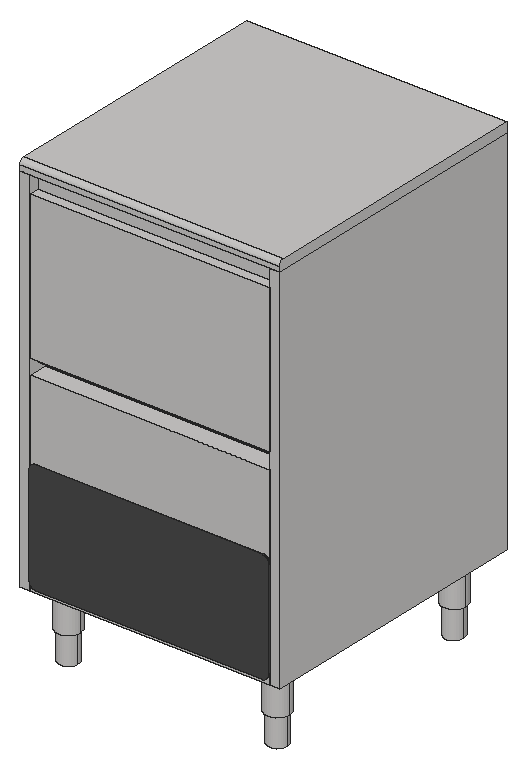
Revit family "QF_ELECTROLUXPROFESSIONAL_730311_ICB56I25SNP", category Attrezzature speciali, Revit 2018
Family settings
  Quota connettore circolare = Usa diametro
  Tipo di parte = Normale
  Basato su piano di lavoro = No
  Sempre verticale = Sì
  Taglio con vuoti quando caricato = No
  Condiviso = No
  Punto di calcolo locali = No
Parameters (values of type "Standard")
  Weight = 56.00 kg
  Watts = 0 W
  Volts = 220 V
  URL Manufacturer = "https://www.electroluxprofessional.com/"
  URL = "https://www.electroluxprofessional.com/"
  Steam Supply Size = 0 mm
  Steam Supply Minimum Pressure = 0.0 Pa
  Steam Supply Maximum Pressure = 0.0 Pa
  Steam Pounds per Hour = 0
  Show Logo [instance] = yes
  Show Clearance [instance] = yes
  Refrigeration Suction Line Size = 0 mm
  Refrigeration Liquid Line Size = 0 mm
  Refrigerant Compressor Remote = yes
  Produttore = "Electrolux Professional"
  Phase = 1
  Modello = "ICB56I25SNP"
  Length Actual = 535 mm  # constant formula
  Item Number = "730311"
  Hot Water Size = 0 mm
  Height Actual = 894 mm  # constant formula
  HP = "0 HP"
  Gas Size = 0 mm
  Gas KW = 0
  Gas Input Pressure = 0 W
  Descrizione = "WATER COOLED ICE CUBER 22GR 56KG/24H-BIN 25KG"
  Depth Actual = 595 mm  # constant formula
  Cycle = 50 Hz
  Condensate Return Size = 0 mm
  Compressed Air Volume = 0.0 L/s
  Compressed Air Size = 0 mm
  Compressed Air Pressure = 0.0 Pa
  Cold Water Size = 19.05 mm
  Accessory = yes
Reference planes
  plane 1 "Center X": y = 272.851
  plane 2: z = 0
  plane 3 "Center Y": x = -501.5
  plane 4 "LEFT": x = -769
  plane 5 "RIGHT": x = -234
  plane 6 "FRONT": y = -19.649
  plane 7 "BACK": y = 565.351
  plane 8: z = 143
  plane 9: z = 932
  plane 10: z = 912
  plane 11: x = -749
  plane 12: x = -254
  plane 13: y = 20.351
Forms (mm)
  Extrusion 1, solid, material "QF_Finishes_Black"
    sketch origin (-217.296, -19.649, 371.513) x (-1, 0, 0) y (0, 0, -1)
      loop
        arc (516.704, -9.487) -> (527.311, -5.093) -> (531.704, 5.513) r 15
        line (531.704, 5.513) -> (531.704, 206.469)
        arc (531.704, 206.469) -> (527.311, 217.075) -> (516.704, 221.469) r 15
        line (516.704, 221.469) -> (51.704, 221.469)
        arc (51.704, 221.469) -> (41.097, 217.075) -> (36.704, 206.469) r 15
        line (36.704, 206.469) -> (36.704, 5.513)
        arc (36.704, 5.513) -> (41.097, -5.093) -> (51.704, -9.487) r 15
        line (51.704, -9.487) -> (516.704, -9.487)
    from 0 to 2
  Extrusion 2, solid, material "QF_Finishes_Stainless Steel"
    sketch origin (-501.5, 0, 0) x (0, 1, 0) y (0, 0, 1)
      loop
        line (565.351, 912) -> (565.351, 932) -> (-9.649, 932)
        arc (-9.649, 932) -> (-16.72, 929.071) -> (-19.649, 922) r 10
        line (-19.649, 922) -> (-19.649, 912) -> (565.351, 912)
    from -267.5 to 267.5
  Extrusion 3, solid, material "QF_Finishes_Stainless Steel"
    sketch origin (-354.7, 565.351, -329.545) x (1, 0, 0) y (0, 0, -1)
      loop
        circle (53.2, -643.545) r 10
    from 0 to 10
  Extrusion 4, solid, material "QF_Finishes_Stainless Steel"
    sketch origin (0, 0, 0) x (1, 0, 0) y (0, 1, 0)
      loop
        line (-769, 565.351) -> (-769, -19.649) -> (-749, -19.649) -> (-749, 565.351) -> (-769, 565.351)
    from 143 to 912
  Extrusion 5, solid, material "QF_Finishes_Stainless Steel"
    sketch origin (0, 0, 0) x (1, 0, 0) y (0, 1, 0)
      loop
        line (-254, 565.351) -> (-254, -19.649) -> (-234, -19.649) -> (-234, 565.351) -> (-254, 565.351)
    from 143 to 912
  Extrusion 6, solid, material "QF_Finishes_Stainless Steel"
    sketch origin (0, 0, 0) x (1, 0, 0) y (0, 1, 0)
      loop
        line (-749, 565.351) -> (-749, 20.351) -> (-254, 20.351) -> (-254, 565.351) -> (-749, 565.351)
    from 143 to 912
  Extrusion 7, solid, material "QF_Finishes_Stainless Steel"
    sketch origin (0, 0, 0) x (1, 0, 0) y (0, 1, 0)
      loop
        line (-749, -19.649) -> (-254, -19.649) -> (-254, 20.351) -> (-749, 20.351) -> (-749, -19.649)
    from 143 to 541.146
  Extrusion 8, solid, material "QF_Finishes_Stainless Steel"
    sketch origin (-501.5, 0, 0) x (0, 1, 0) y (0, 0, 1)
      loop
        line (20.351, 912) -> (0.351, 912) -> (0.351, 876) -> (-19.649, 876) -> (-19.649, 572.768) -> (0.351, 572.768) -> (0.351, 557) -> (20.351, 557) -> (20.351, 912)
    from -247.5 to 247.5
  Extrusion 9, solid, material "QF_Finishes_Stainless Steel"
    sketch origin (-337.2, 565.351, -440.545) x (1, 0, 0) y (0, 0, -1)
      loop
        circle (53.2, -643.545) r 10
    from 0 to 10
  Extrusion 10, solid, material "QF_Finishes_Stainless Steel"
    sketch origin (-397.7, 565.351, -361.545) x (1, 0, 0) y (0, 0, -1)
      loop
        circle (53.2, -643.545) r 10
    from 0 to 10
Lines and regions (mm)
  Split face 1
    outline origin (-501.5, 0.351, 912) x (0, 0, -1) y (1, 0, 0)
      loop
        line (5.715, 124.928) -> (30.715, 124.928) -> (30.715, 164.928) -> (5.715, 164.928) -> (5.715, 124.928)
  symbolic lines
    curve 1: line (-769, 565.351, 0) -> (-234, 565.351, 0)
    curve 2: line (-769, -19.649, 0) -> (-769, 565.351, 0)
    curve 3: line (-234, -19.649, 0) -> (-769, -19.649, 0)
    curve 4: line (-234, 565.351, 0) -> (-234, -19.649, 0)
Dimensions and locks
  equal spacing: plane 4 "LEFT", plane 3 "Center Y", plane 5 "RIGHT"
  plane 4 "LEFT" to plane 5 "RIGHT" = 535 mm
  equal spacing: plane 7 "BACK", plane 1 "Center X", plane 6 "FRONT"
  plane 7 "BACK" to plane 6 "FRONT" = 585 mm
  plane 8 to plane 2 = 143 mm
  plane 9 to plane 8 = 789 mm
  locked: plane 4 "LEFT" to plane 11 at 20
  locked: plane 12 to plane 5 "RIGHT" at 20
  locked: plane 9 to plane 10 at 20
  locked: plane 13 to plane 6 "FRONT" at 40
  aligned and locked: level to plane 2
  aligned and locked: plane 5 "RIGHT" to Extrusion 2
  aligned and locked: Extrusion 2 to plane 4 "LEFT"
  aligned and locked: Extrusion 4 sketch curve to Extrusion 2  (x2)
  aligned and locked: plane 6 "FRONT" to Extrusion 4 sketch curve
  aligned and locked: Extrusion 4 sketch curve to plane 11
  aligned and locked: Extrusion 5 sketch curve to plane 7 "BACK"
  aligned and locked: plane 12 to Extrusion 5 sketch curve
  aligned and locked: Extrusion 5 sketch curve to Extrusion 2  (x2)
  aligned and locked: plane 10 to Extrusion 4
  aligned and locked: plane 10 to Extrusion 5
  aligned and locked: Extrusion 4 to plane 8
  aligned and locked: Extrusion 5 to plane 8
  aligned and locked: Extrusion 6 sketch curve to Extrusion 4
  aligned and locked: Extrusion 4 to Extrusion 6 sketch curve
  aligned and locked: plane 13 to Extrusion 6 sketch curve
  aligned and locked: Extrusion 6 sketch curve to plane 12
  aligned and locked: plane 10 to Extrusion 6
  aligned and locked: Extrusion 6 to plane 8
  aligned and locked: Extrusion 4 to Extrusion 7 sketch curve
  aligned and locked: Extrusion 7 sketch curve to Extrusion 4
  aligned and locked: plane 13 to Extrusion 7 sketch curve
  aligned and locked: plane 12 to Extrusion 7 sketch curve
  aligned and locked: Extrusion 7 to plane 8
  aligned and locked: plane 12 to Extrusion 8
  aligned and locked: Extrusion 8 to plane 11
Automatic sketch dimensions
  curve 3 to plane 4 "LEFT" = 0 mm
  curve 3 to plane 5 "RIGHT" = 0 mm
  curve 3 to plane 6 "FRONT" = 0 mm
  curve 2 to plane 7 "BACK" = 0 mm
  Extrusion 1 sketch curve to plane 12 = 0 mm
  plane 8 to Extrusion 1 sketch curve = 7.044 mm
  Extrusion 1 sketch curve to Extrusion 1 sketch curve = 15 mm  (x3)
  plane 11 to Extrusion 1 sketch curve = 15 mm  (x2)
  Extrusion 1 sketch curve to Extrusion 1 sketch curve = 200.956 mm
  Extrusion 2 sketch curve to plane 6 "FRONT" = 0 mm
  Extrusion 2 sketch curve to plane 9 = 0 mm
  Extrusion 2 sketch curve to plane 7 "BACK" = 0 mm
  Extrusion 2 sketch curve to plane 10 = 0 mm
  plane 6 "FRONT" to Extrusion 2 sketch curve = 10 mm
  Extrusion 6 to Extrusion 3 sketch curve = 171 mm
  Extrusion 3 sketch curve to Extrusion 6 = 47.5 mm
  Extrusion 8 sketch curve to plane 6 "FRONT" = 0 mm
  Extrusion 8 sketch curve to plane 10 = 0 mm
  Extrusion 8 sketch curve to plane 13 = 0 mm
  plane 6 "FRONT" to Extrusion 8 sketch curve = 20 mm  (x2)
  Extrusion 8 sketch curve to plane 10 = 36 mm
  Extrusion 8 sketch curve to Extrusion 8 sketch curve = 303.232 mm
  Extrusion 8 sketch curve to Extrusion 8 sketch curve = 15.768 mm
  Split face 1 sketch curve to Extrusion 8 = 5.715 mm
  Extrusion 8 to Split face 1 sketch curve = 5.285 mm
  Split face 1 sketch curve to Extrusion 8 = 122.572 mm
  Split face 1 sketch curve to Split face 1 sketch curve = 40 mm
  Extrusion 9 sketch curve to Extrusion 6 = 30 mm
  Extrusion 6 to Extrusion 9 sketch curve = 60 mm
  Extrusion 10 sketch curve to Extrusion 6 = 90.5 mm
  Extrusion 6 to Extrusion 10 sketch curve = 139 mm
  radius of Extrusion 3 sketch curve = 10 mm
  radius of Extrusion 9 sketch curve = 10 mm
  radius of Extrusion 10 sketch curve = 10 mm
Nested families
  nested 1: "Foot_Complete" at (-717, 40.351, 0), type "Foot_Complete"
    with H 143 mm
  nested 2: "Foot_Complete" at (-286, 40.351, 0) x (-1, 0, 0) z (0, 0, 1), type "Foot_Complete"
    with H 143 mm
  nested 3: "Foot_Complete" at (-717, 494.351, 0), type "Foot_Complete"
    with H 143 mm
  nested 4: "Foot_Complete" at (-286, 494.351, 0) x (-1, 0, 0) z (0, 0, 1), type "Foot_Complete"
    with H 143 mm
Connectors
  electrical at (-284, 575.351, 203), driven by "Volts"
    settings: on Extrusion 9, index 1, voltage 220 V, apparent load 0 VA, apparent load phase1 0 VA, apparent load phase2 0 VA, apparent load phase3 0 VA, power factor 1, load classification "Altro", number of poles 1, system type 30, power factor state 1, is connector primary yes, connector utility no, sub classification motor no, connector description "Electrical Connection"
  piping at (-301.5, 575.351, 314), diameter 20
    settings: on Extrusion 3, index 2, connector inside diameter 609.6 mm, connector length 0 mm, flow factor 0, pipe flow 0.0 L/s, pressure drop 0.0 Pa, fitting loss kfactor 0, connector angle 0.00°, fixture units 0, engagement length 0 mm, angle of deflection 0.00°, flow configuration 0, flow direction 0, fitting loss method 0, system type 20, joint type 0, gender type 0, connector reference index -1, connector utility 0, adjustable connector no, is connector primary yes, connector description "Cold water"
  piping at (-344.5, 575.351, 282), diameter 20
    settings: on Extrusion 10, index 3, connector inside diameter 609.6 mm, connector length 0 mm, flow factor 0, pipe flow 0.0 L/s, pressure drop 0.0 Pa, fitting loss kfactor 0, connector angle 0.00°, fixture units 0, engagement length 0 mm, angle of deflection 0.00°, flow configuration 0, flow direction 0, fitting loss method 0, system type 16, joint type 0, gender type 0, connector reference index -1, connector utility 0, adjustable connector no, is connector primary no, connector description "Drain"
Definition of nested family "Foot_Complete"
  Parameters (values of type "Foot_Complete")
    R = 25 mm
    H = 153 mm
  Reference planes
    plane 1 "Centro (Fronte/Retro)": y = 0
    plane 2: z = 0
    plane 3 "Centro (Sinistra/Destra)": x = 0
    plane 4: z = 153
  Forms (mm)
    Revolve 1, solid
      sketch origin (255.05, 0, 608.09) x (0, 0, 1) y (-1, 0, 0)
        loop
          line (-608.09, 255.05) -> (-608.09, 235.05) -> (-548.09, 235.05) -> (-548.09, 230.05) -> (-455.09, 230.05) -> (-455.09, 255.05) -> (-608.09, 255.05)
        axis (-608.09, 255.05) -> (-455.09, 255.05)
      angle from 0 to 360
  Dimensions and locks
    level to Revolve 1 sketch curve = 60 mm
    "R": Revolve 1 sketch curve to plane 3 "Centro (Sinistra/Destra)"
    "H": plane 4 to level
    aligned and locked: level to plane 2
    aligned and locked: plane 4 to Revolve 1 sketch curve
    aligned and locked: Revolve 1 sketch curve to level
    aligned and locked: plane 3 "Centro (Sinistra/Destra)" to Revolve 1 sketch curve
  Automatic sketch dimensions
    Revolve 1 sketch curve to plane 3 "Centro (Sinistra/Destra)" = 0 mm
    plane 3 "Centro (Sinistra/Destra)" to Revolve 1 sketch curve = 20 mm
    Revolve 1 sketch curve to Revolve 1 sketch curve = 50 mm
    Revolve 1 sketch curve to Revolve 1 sketch curve = 20 mm
